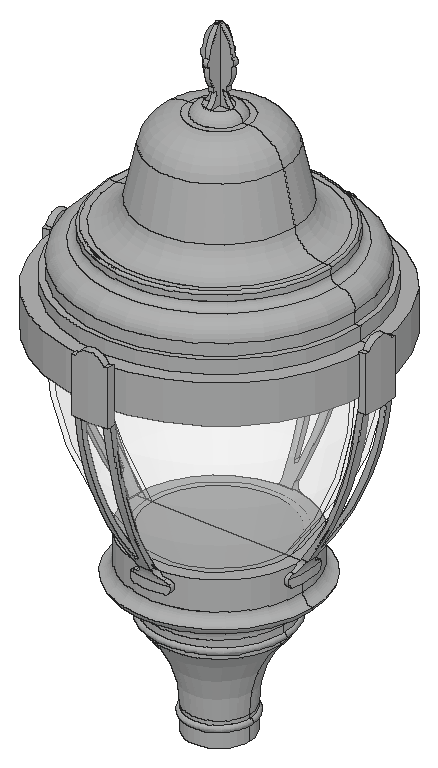
Revit family "Mediterranean", category Lighting Fixtures, host Face, Revit 2021
Family settings
  Host = Face
  Round Connector Dimension = Use Diameter
  Part Type = Normal
  OmniClass Number = 23.80.70.14.21
  OmniClass Title = Street and Roadway Lighting
  Cut with Voids When Loaded = No
  Light Source = No
  Shared = No
  Room Calculation Point = No
Parameters (values of type "White Texture")
  Voltage = 120 V
  URL = "https://www.currentlighting.com/beacon"
  Total Input Wattage = "55,80 & 110 Watts"  # constant formula
  Product Page URL = ""
  Product Documentation Link = ""
  Photometrics Web [instance] = Web : T1-PC-C1-H1-24NB-55-DIR3
  Model = "Mediterranean"  # constant formula
  Manufacturer = "Beacon Products"  # constant formula
  Lamp = "LED Array"  # constant formula
  Glass = Glass
  Product Material = Paint -  White Texture
  Description = "Village Collection"  # constant formula
  Default Elevation = 48.00"
  Apparent Load = 0 VA
Types (12): name | Photometrics Web | Product Material
  Basic Black Textured | Web : T1-PC-C1-H1-24NB-55-DIR5 | Paint - Basic Black Textured
  Black Matte Textured | Web : T1-PC-C1-H1-24NB-55-DIR3 | Paint - Black Matte Textured
  Bronze Textured | Web : T1-PC-C1-H1-24NB-55-DIR3 | Paint - Bronze Textured
  Dark Bronze Textured | Web : T1-PC-C1-H1-24NB-55-DIR3 | Paint -Dark Bronze Textured
  Dark Platinum Smooth | Web : T1-PC-C1-H1-24NB-55-DIR3 | Paint - Dark Platinum Smooth
  Gray Smooth | Web : T1-PC-C1-H1-24NB-55-DIR3 | Paint -Gray Smooth
  Green Textured | Web : T1-PC-C1-H1-24NB-55-DIR3 | Paint - Green Textured
  Metallic Bronze Textured | Web : T1-PC-C1-H1-24NB-55-DIR3 | Paint - Metallic Bronze Textured
  Metallic Silver Textured | Web : T1-PC-C1-H1-24NB-55-DIR3 | Paint - Metallic Silver Textured
  Metallic Titanium Textured | Web : T1-PC-C1-H1-24NB-55-DIR3 | Paint -  Metallic Titanium Textured
  Old World Iron | Web : T1-PC-C1-H1-24NB-55-DIR3 | Paint - Old World Iron
  White Texture | Web : T1-PC-C1-H1-24NB-55-DIR3 | Paint -  White Texture
Reference planes (in)
  plane 1 "Center (Front/Back)": y = 0
  plane 2: z = 0
  plane 3 "Center (Left/Right)": x = 0
  plane 4: z = 36
  plane 5: x = -9.21875
  plane 6: x = 9.21875
  plane 7: y = -9.21875
  plane 8: y = 9.21875
  plane 9: z = 18.5
Forms (in)
  Revolve 1, solid, material "Paint -  White Texture" <- "Product Material"
    sketch origin (0, 0, -1.5) x (1, 0, 0) y (0, 0, 1)
      loop
        line (8.85151, 21.90086) -> (8.85151, 24.08836) -> (8.04523, 24.08836) -> (8.04523, 24.81931) -> (7.719, 24.81931) -> (7.719, 25.45511)
        arc (7.719, 25.45511) -> (7.43329, 26.14487) -> (6.74353, 26.43058) r 0.97547
        arc (6.74353, 26.43058) -> (6.46464, 26.5461) -> (6.34912, 26.825) r 0.39442
        line (6.34912, 26.825) -> (6.34912, 27.16084)
        arc (6.34912, 27.16084) -> (6.31132, 27.2521) -> (6.22006, 27.2899) r 0.12905
        line (6.22006, 27.2899) -> (5.87333, 27.2899)
        arc (5.87333, 27.2899) -> (4.85887, 27.64416) -> (4.28548, 28.55293) r 1.62962
        line (4.28548, 28.55293) -> (3.65398, 31.28826)
        arc (3.65398, 31.28826) -> (2.95027, 32.40358) -> (1.70524, 32.83836) r 2
        line (1.70524, 32.83836) -> (1.34375, 32.83836)
        arc (1.34375, 32.83836) -> (1.12624, 33.18422) -> (0.74787, 33.33836) r 0.66701
        line (0.74787, 33.33836) -> (0, 33.33836) -> (0, 21.90086) -> (8.85151, 21.90086)
      axis (0, 33.33836) -> (0, 21.90086)
    angle from 0 to 360
  Revolve 2, solid, material "Glass" <- "Glass"
    sketch origin (0, 0, 3.25) x (1, 0, 0) y (0, 0, 1)
      loop
        line (3.76507, 7) -> (4.09375, 7)
        arc (4.09375, 7) -> (6.84633, 11.74804) -> (7.81071, 17.15086) r 15.81709
        line (7.81071, 17.15086) -> (7.56071, 17.15086)
        arc (7.56071, 17.15086) -> (6.57474, 11.73447) -> (3.76507, 7) r 15.56709
      axis (0, 17.15086) -> (0, 7)
    angle from 0 to 360
  Revolve 3, solid, material "Paint -  White Texture" <- "Product Material"
    sketch origin (0, 0, 0) x (1, 0, 0) y (0, 0, 1)
      loop
        line (0, 0) -> (1.75, 0) -> (1.75, 0.85054)
        arc (1.75, 0.85054) -> (1.9156, 1.01615) -> (1.75, 1.18175) r 0.1656
        line (1.75, 1.18175) -> (1.75, 1.39265)
        arc (1.75, 1.39265) -> (2.20652, 3.63652) -> (3.5035, 5.52363) r 5.74275
        line (3.5035, 5.52363) -> (3.5035, 5.85484) -> (3.65263, 5.85484)
        arc (3.65263, 5.85484) -> (3.82367, 6.02588) -> (3.65263, 6.19692) r 0.17104
        line (3.65263, 6.19692) -> (3.65263, 6.57864)
        arc (3.65263, 6.57864) -> (3.79263, 7.02266) -> (4.162, 7.30609) r 0.77413
        line (4.162, 7.30609) -> (4.162, 7.55609) -> (4.75, 7.55609)
        arc (4.75, 7.55609) -> (5.1064, 7.72431) -> (5.33395, 8.04608) r 0.77484
        arc (5.33395, 8.04608) -> (4.92103, 8.21711) -> (4.75, 8.63003) r 0.58395
        line (4.75, 8.63003) -> (4.75, 10.25) -> (0, 10.25) -> (0, 0)
      axis (0, 10.25) -> (0, 0)
    angle from 0 to 360
  Revolve 4, solid, material "Paint -  White Texture" <- "Product Material"
    sketch origin (0, 0, -2) x (0, 1, 0) y (0, 0, -1)
      loop
        line (-4.75, -11.04345) -> (-5, -11.04345) -> (-5, -11.77958)
        arc (-5, -11.77958) -> (-5.05957, -12.13356) -> (-5.23172, -12.44853) r 1.08144
        arc (-5.23172, -12.44853) -> (-7.77106, -16.78779) -> (-9.03708, -21.65344) r 18.34582
        line (-9.03708, -21.65344) -> (-9.22, -21.65344) -> (-9.22, -25.33021) -> (-8.85151, -25.33021) -> (-8.85151, -22.30978)
        arc (-8.85151, -22.30978) -> (-7.57349, -16.96483) -> (-4.75, -12.25) r 18.09582
        line (-4.75, -12.25) -> (-4.75, -11.04345)
      axis (0, -25.33021) -> (0, -11.04345)
    angle from -40 to 40
  Extrusion 5, void
    sketch origin (0, -4.1, 25.58567) x (0, 0, 1) y (1, 0, 0)
      loop
        arc (-15.03754, -0.35399) -> (-10.50057, -0.90383) -> (-5.93224, -1.03328) r 49.54577
        line (-5.93224, -1.03328) -> (-2.83186, -1.03328) -> (-2.83186, -0.78328)
        arc (-2.83186, -0.78328) -> (-2.31832, 0) -> (-2.83186, 0.78328) r 0.85412
        line (-2.83186, 0.78328) -> (-2.83186, 1.03328) -> (-5.93224, 1.03328)
        arc (-5.93224, 1.03328) -> (-10.50057, 0.90383) -> (-15.03754, 0.35399) r 49.54577
        arc (-15.03754, 0.35399) -> (-15.41249, 0.45273) -> (-15.5863, 0.79932) r 0.47098
        arc (-15.5863, 0.79932) -> (-15.93356, 1.14658) -> (-16.28082, 0.79932) r 0.34726
        line (-16.28082, 0.79932) -> (-16.28082, -0.79932)
        arc (-16.28082, -0.79932) -> (-15.93356, -1.14658) -> (-15.5863, -0.79932) r 0.34726
        arc (-15.5863, -0.79932) -> (-15.41249, -0.45273) -> (-15.03754, -0.35399) r 0.47098
      loop
        arc (-5.93224, 0.62342) -> (-10.14217, 0.55608) -> (-14.33089, 0.12864) r 49.14577
        arc (-14.33089, 0.12864) -> (-14.44217, 0) -> (-14.33089, -0.12864) r 0.13
        arc (-14.33089, -0.12864) -> (-10.14217, -0.55608) -> (-5.93224, -0.62342) r 49.14577
        line (-5.93224, -0.62342) -> (-5.93224, 0.62342)
      loop
        line (-1.82895, -6.11986) -> (-1.82895, 6.38014) -> (-16.57895, 6.38014) -> (-16.57895, -6.11986) -> (-1.82895, -6.11986)
    from -6.86274 to 14.6
  Revolve 6, solid, material "Paint -  White Texture" <- "Product Material"
    sketch origin (0, 0, -2) x (0, -1, 0) y (0, 0, 1)
      loop
        line (-4.75, 11.04345) -> (-4.75, 12.25)
        arc (-4.75, 12.25) -> (-7.57349, 16.96483) -> (-8.85151, 22.30978) r 18.09582
        line (-8.85151, 22.30978) -> (-8.85151, 25.33021) -> (-9.22, 25.33021) -> (-9.22, 21.65344) -> (-9.03708, 21.65344)
        arc (-9.03708, 21.65344) -> (-7.77106, 16.78779) -> (-5.23172, 12.44853) r 18.34582
        arc (-5.23172, 12.44853) -> (-5.05957, 12.13356) -> (-5, 11.77958) r 1.08144
        line (-5, 11.77958) -> (-5, 11.04345) -> (-4.75, 11.04345)
      axis (0, 25.33021) -> (0, 11.04345)
    angle from -40 to 40
  Revolve 7, solid, material "Paint -  White Texture" <- "Product Material"
    sketch origin (0, 0, -2) x (-1, 0, 0) y (0, 0, -1)
      loop
        line (-4.75, -11.04345) -> (-5, -11.04345) -> (-5, -11.77958)
        arc (-5, -11.77958) -> (-5.05957, -12.13356) -> (-5.23172, -12.44853) r 1.08144
        arc (-5.23172, -12.44853) -> (-7.77106, -16.78779) -> (-9.03708, -21.65344) r 18.34582
        line (-9.03708, -21.65344) -> (-9.22, -21.65344) -> (-9.22, -25.33021) -> (-8.85151, -25.33021) -> (-8.85151, -22.30978)
        arc (-8.85151, -22.30978) -> (-7.57349, -16.96483) -> (-4.75, -12.25) r 18.09582
        line (-4.75, -12.25) -> (-4.75, -11.04345)
      axis (0, -25.33021) -> (0, -11.04345)
    angle from -40 to 40
  Revolve 8, solid, material "Paint -  White Texture" <- "Product Material"
    sketch origin (0, 0, -2) x (1, 0, 0) y (0, 0, 1)
      loop
        line (-4.75, 11.04345) -> (-4.75, 12.25)
        arc (-4.75, 12.25) -> (-7.57349, 16.96483) -> (-8.85151, 22.30978) r 18.09582
        line (-8.85151, 22.30978) -> (-8.85151, 25.33021) -> (-9.22, 25.33021) -> (-9.22, 21.65344) -> (-9.03708, 21.65344)
        arc (-9.03708, 21.65344) -> (-7.77106, 16.78779) -> (-5.23172, 12.44853) r 18.34582
        arc (-5.23172, 12.44853) -> (-5.05957, 12.13356) -> (-5, 11.77958) r 1.08144
        line (-5, 11.77958) -> (-5, 11.04345) -> (-4.75, 11.04345)
      axis (0, 25.33021) -> (0, 11.04345)
    angle from -40 to 40
  Extrusion 9, void
    sketch origin (4.1, 0, 25.58567) x (0, 0, 1) y (0, 1, 0)
      loop
        arc (-15.03754, -0.35399) -> (-10.50057, -0.90383) -> (-5.93224, -1.03328) r 49.54577
        line (-5.93224, -1.03328) -> (-2.83186, -1.03328) -> (-2.83186, -0.78328)
        arc (-2.83186, -0.78328) -> (-2.31832, 0) -> (-2.83186, 0.78328) r 0.85412
        line (-2.83186, 0.78328) -> (-2.83186, 1.03328) -> (-5.93224, 1.03328)
        arc (-5.93224, 1.03328) -> (-10.50057, 0.90383) -> (-15.03754, 0.35399) r 49.54577
        arc (-15.03754, 0.35399) -> (-15.41249, 0.45273) -> (-15.5863, 0.79932) r 0.47098
        arc (-15.5863, 0.79932) -> (-15.93356, 1.14658) -> (-16.28082, 0.79932) r 0.34726
        line (-16.28082, 0.79932) -> (-16.28082, -0.79932)
        arc (-16.28082, -0.79932) -> (-15.93356, -1.14658) -> (-15.5863, -0.79932) r 0.34726
        arc (-15.5863, -0.79932) -> (-15.41249, -0.45273) -> (-15.03754, -0.35399) r 0.47098
      loop
        arc (-5.93224, 0.62342) -> (-10.14217, 0.55608) -> (-14.33089, 0.12864) r 49.14577
        arc (-14.33089, 0.12864) -> (-14.44217, 0) -> (-14.33089, -0.12864) r 0.13
        arc (-14.33089, -0.12864) -> (-10.14217, -0.55608) -> (-5.93224, -0.62342) r 49.14577
        line (-5.93224, -0.62342) -> (-5.93224, 0.62342)
      loop
        line (-1.82895, -6.11986) -> (-1.82895, 6.38014) -> (-16.57895, 6.38014) -> (-16.57895, -6.11986) -> (-1.82895, -6.11986)
    from -6.86274 to 14.6
  Extrusion 10, solid, material "Paint -  White Texture" <- "Product Material"
    sketch origin (0, 0, 0) x (1, 0, 0) y (0, 0, 1)
      loop
        arc (-0.33706, 32.67868) -> (-0.44879, 32.21273) -> (-0.74787, 31.83836) r 1.10102
        line (-0.74787, 31.83836) -> (0.74787, 31.83836)
        arc (0.74787, 31.83836) -> (0.44879, 32.21273) -> (0.33706, 32.67868) r 1.10102
        line (0.33706, 32.67868) -> (0.55681, 32.67868) -> (0.55681, 32.92868)
        arc (0.55681, 32.92868) -> (0.81187, 33.44324) -> (0.80819, 34.01752) r 1.24209
        arc (0.80819, 34.01752) -> (0.95751, 34.23753) -> (0.81066, 34.45919) r 0.23871
        arc (0.81066, 34.45919) -> (0.63251, 35.2627) -> (0.15439, 35.9326) r 2.06281
        arc (0.15439, 35.9326) -> (0, 35.99338) -> (-0.15439, 35.9326) r 0.22648
        arc (-0.15439, 35.9326) -> (-0.63251, 35.2627) -> (-0.81066, 34.45919) r 2.06281
        arc (-0.81066, 34.45919) -> (-0.95751, 34.23753) -> (-0.80819, 34.01752) r 0.23871
        arc (-0.80819, 34.01752) -> (-0.81187, 33.44324) -> (-0.55681, 32.92868) r 1.24209
        line (-0.55681, 32.92868) -> (-0.55681, 32.67868) -> (-0.33706, 32.67868)
    from -0.13 to 0.13
  Extrusion 11, solid, material "Paint -  White Texture" <- "Product Material"
    sketch origin (0, 0, 0) x (0, -1, 0) y (0, 0, 1)
      loop
        arc (-0.33706, 32.67868) -> (-0.44879, 32.21273) -> (-0.74787, 31.83836) r 1.10102
        line (-0.74787, 31.83836) -> (0.74787, 31.83836)
        arc (0.74787, 31.83836) -> (0.44879, 32.21273) -> (0.33706, 32.67868) r 1.10102
        line (0.33706, 32.67868) -> (0.55681, 32.67868) -> (0.55681, 32.92868)
        arc (0.55681, 32.92868) -> (0.81187, 33.44324) -> (0.80819, 34.01752) r 1.24209
        arc (0.80819, 34.01752) -> (0.95751, 34.23753) -> (0.81066, 34.45919) r 0.23871
        arc (0.81066, 34.45919) -> (0.63251, 35.2627) -> (0.15439, 35.9326) r 2.06281
        arc (0.15439, 35.9326) -> (0, 35.99338) -> (-0.15439, 35.9326) r 0.22648
        arc (-0.15439, 35.9326) -> (-0.63251, 35.2627) -> (-0.81066, 34.45919) r 2.06281
        arc (-0.81066, 34.45919) -> (-0.95751, 34.23753) -> (-0.80819, 34.01752) r 0.23871
        arc (-0.80819, 34.01752) -> (-0.81187, 33.44324) -> (-0.55681, 32.92868) r 1.24209
        line (-0.55681, 32.92868) -> (-0.55681, 32.67868) -> (-0.33706, 32.67868)
    from -0.13 to 0.13
Cuts and joins
  Extrusion 5 cuts Revolve 4
  Extrusion 5 cuts Revolve 6
  Extrusion 9 cuts Revolve 7
  Extrusion 9 cuts Revolve 8
Dimensions and locks (in)
  locked: plane 4 to level at 36
  locked: plane 5 to plane 6 at 18.4375
  equal spacing: plane 5, plane 3 "Center (Left/Right)", plane 6  (x2)
  equal spacing: plane 8, plane 1 "Center (Front/Back)", plane 7
  locked: plane 8 to plane 7 at 18.4375
  aligned and locked: plane 2 to host face
  aligned and locked: level to host face
  aligned and locked: nested 1 to plane 3 "Center (Left/Right)"
  aligned and locked: nested 1 to plane 1 "Center (Front/Back)"
Automatic sketch dimensions
  host sketch curve to host sketch curve = 96.00"  (x2)
  Revolve 3 sketch curve to level = 0.00"
  Revolve 3 sketch curve to plane 3 "Center (Left/Right)" = 0.00"  (x2)
  plane 3 "Center (Left/Right)" to Revolve 3 sketch curve = 1.75"
  plane 3 "Center (Left/Right)" to Revolve 3 sketch curve = 3.5035"
  Revolve 3 sketch curve to Revolve 3 sketch curve = 0.14913"
  Revolve 3 sketch curve to Revolve 3 sketch curve = 0.50936"
  Revolve 3 sketch curve to Revolve 3 sketch curve = 0.26477"
  Revolve 3 sketch curve to Revolve 3 sketch curve = 0.44634"
  Revolve 3 sketch curve to Revolve 3 sketch curve = 0.14166"
  Revolve 3 sketch curve to Revolve 3 sketch curve = 0.588"
  Revolve 3 sketch curve to Revolve 3 sketch curve = 0.58395"
  Revolve 3 sketch curve to plane 6 = 1.726"
  Revolve 3 sketch curve to level = 1.75"
  Revolve 3 sketch curve to Revolve 3 sketch curve = 0.85054"
  Revolve 3 sketch curve to Revolve 3 sketch curve = 0.1656"
  Revolve 3 sketch curve to Revolve 3 sketch curve = 0.21089"
  Revolve 3 sketch curve to Revolve 3 sketch curve = 0.33121"
  Revolve 3 sketch curve to Revolve 3 sketch curve = 0.17104"
  Revolve 3 sketch curve to Revolve 3 sketch curve = 0.38171"
  Revolve 3 sketch curve to Revolve 3 sketch curve = 0.25"
  Revolve 3 sketch curve to Revolve 3 sketch curve = 0.48999"
  Revolve 3 sketch curve to Revolve 3 sketch curve = 2.69391"
  Revolve 4 sketch curve to Revolve 4 sketch curve = 0.00"  (x4)
  Revolve 4 sketch curve to plane 1 "Center (Front/Back)" = 0.00"
  plane 1 "Center (Front/Back)" to Revolve 4 sketch curve = 4.75"
  Revolve 4 sketch curve to Revolve 4 sketch curve = 0.25"
  Revolve 4 sketch curve to Revolve 4 sketch curve = 0.48172"
  Revolve 4 sketch curve to Revolve 4 sketch curve = 0.84972"
  plane 1 "Center (Front/Back)" to Revolve 4 sketch curve = 8.85151"
  Revolve 4 sketch curve to Revolve 4 sketch curve = 0.18557"
  Revolve 4 sketch curve to Revolve 4 sketch curve = 0.18292"
  Revolve 4 sketch curve to plane 1 "Center (Front/Back)" = 9.18311"
  Revolve 4 sketch curve to plane 4 = 2.72337"
  Revolve 4 sketch curve to Revolve 4 sketch curve = 0.73613"
  level to Revolve 4 sketch curve = 4.77663"
  Extrusion 5 sketch curve to plane 3 "Center (Left/Right)" = 0.00"  (x2)
  plane 5 to Extrusion 5 sketch curve = 3.09889"
  Extrusion 5 sketch curve to level = 9.00672"
  Extrusion 5 sketch curve to plane 3 "Center (Left/Right)" = 0.79932"
  Extrusion 5 sketch curve to Extrusion 5 sketch curve = 0.29813"
  Extrusion 5 sketch curve to Extrusion 5 sketch curve = 0.34726"  (x2)
  Extrusion 5 sketch curve to Extrusion 5 sketch curve = 0.47059"  (x2)
  plane 3 "Center (Left/Right)" to Extrusion 5 sketch curve = 0.35399"
  Extrusion 5 sketch curve to Extrusion 5 sketch curve = 0.07817"  (x2)
  Extrusion 5 sketch curve to Extrusion 5 sketch curve = 0.00"  (x7)
  Extrusion 5 sketch curve to plane 3 "Center (Left/Right)" = 0.35399"
  plane 3 "Center (Left/Right)" to Extrusion 5 sketch curve = 0.12864"
  Extrusion 5 sketch curve to Extrusion 5 sketch curve = 0.70665"
  Extrusion 5 sketch curve to plane 3 "Center (Left/Right)" = 0.12864"
  Extrusion 5 sketch curve to Extrusion 5 sketch curve = 0.01873"
  Extrusion 5 sketch curve to Extrusion 5 sketch curve = 0.4375"  (x2)
  plane 3 "Center (Left/Right)" to Extrusion 5 sketch curve = 0.62342"
  Extrusion 5 sketch curve to Extrusion 5 sketch curve = 0.34058"  (x2)
  plane 6 to Extrusion 5 sketch curve = 2.83861"
  Extrusion 5 sketch curve to Extrusion 5 sketch curve = 0.25"
  Revolve 6 sketch curve to Revolve 6 sketch curve = 0.00"  (x4)
  Revolve 6 sketch curve to plane 1 "Center (Front/Back)" = 0.00"
  Revolve 6 sketch curve to plane 1 "Center (Front/Back)" = 4.75"
  Revolve 6 sketch curve to Revolve 6 sketch curve = 0.25"
  Revolve 6 sketch curve to Revolve 6 sketch curve = 0.48172"
  Revolve 6 sketch curve to Revolve 6 sketch curve = 0.84972"
  Revolve 6 sketch curve to plane 1 "Center (Front/Back)" = 8.85151"
  Revolve 6 sketch curve to Revolve 6 sketch curve = 0.18557"
  Revolve 6 sketch curve to Revolve 6 sketch curve = 0.18292"
  plane 1 "Center (Front/Back)" to Revolve 6 sketch curve = 9.18311"
  Revolve 6 sketch curve to Revolve 6 sketch curve = 0.73613"
  level to Revolve 6 sketch curve = 4.77663"
  Revolve 6 sketch curve to plane 4 = 2.72337"
  Revolve 7 sketch curve to Revolve 7 sketch curve = 0.00"  (x4)
  Revolve 7 sketch curve to plane 3 "Center (Left/Right)" = 0.00"
  Revolve 7 sketch curve to plane 6 = 4.46875"
  Revolve 7 sketch curve to Revolve 7 sketch curve = 0.25"
  Revolve 7 sketch curve to Revolve 7 sketch curve = 0.48172"
  Revolve 7 sketch curve to Revolve 7 sketch curve = 0.84972"
  Revolve 7 sketch curve to plane 6 = 0.36724"
  Revolve 7 sketch curve to plane 6 = 0.18167"
  plane 6 to Revolve 7 sketch curve = 0.00125"
  Revolve 7 sketch curve to plane 5 = 0.03564"
  Revolve 7 sketch curve to plane 4 = 2.72337"
  Revolve 7 sketch curve to Revolve 7 sketch curve = 0.65634"
  Revolve 7 sketch curve to Revolve 7 sketch curve = 0.73613"
  level to Revolve 7 sketch curve = 4.77663"
  Revolve 8 sketch curve to Revolve 8 sketch curve = 0.00"  (x3)
  Revolve 8 sketch curve to plane 3 "Center (Left/Right)" = 0.00"
  Revolve 8 sketch curve to plane 5 = 4.46875"
  Revolve 8 sketch curve to Revolve 8 sketch curve = 0.25"
  Revolve 8 sketch curve to Revolve 8 sketch curve = 0.48172"
  Revolve 8 sketch curve to Revolve 8 sketch curve = 0.84972"
  Revolve 8 sketch curve to plane 5 = 0.36724"
  Revolve 8 sketch curve to plane 5 = 0.18167"
  plane 5 to Revolve 8 sketch curve = 0.00125"
  Revolve 8 sketch curve to plane 6 = 0.03564"
  level to Revolve 8 sketch curve = 4.77663"
  Revolve 8 sketch curve to Revolve 8 sketch curve = 4.26683"
  Revolve 8 sketch curve to Revolve 8 sketch curve = 0.73613"
  Revolve 8 sketch curve to Revolve 8 sketch curve = 0.19853"
  Revolve 8 sketch curve to plane 4 = 2.72337"
  Extrusion 9 sketch curve to plane 1 "Center (Front/Back)" = 0.00"  (x2)
  Extrusion 9 sketch curve to plane 7 = 3.09889"
  level to Extrusion 9 sketch curve = 9.00672"
  Extrusion 9 sketch curve to plane 1 "Center (Front/Back)" = 0.79932"
  Extrusion 9 sketch curve to Extrusion 9 sketch curve = 0.29813"
  Extrusion 9 sketch curve to Extrusion 9 sketch curve = 0.34726"  (x2)
  Extrusion 9 sketch curve to Extrusion 9 sketch curve = 0.47059"  (x2)
  plane 1 "Center (Front/Back)" to Extrusion 9 sketch curve = 0.35399"
  Extrusion 9 sketch curve to Extrusion 9 sketch curve = 0.07817"  (x2)
  Extrusion 9 sketch curve to Extrusion 9 sketch curve = 0.00"  (x6)
  Extrusion 9 sketch curve to plane 1 "Center (Front/Back)" = 0.35399"
  plane 1 "Center (Front/Back)" to Extrusion 9 sketch curve = 0.12864"
  Extrusion 9 sketch curve to Extrusion 9 sketch curve = 0.70665"
  Extrusion 9 sketch curve to plane 1 "Center (Front/Back)" = 0.12864"
  Extrusion 9 sketch curve to Extrusion 9 sketch curve = 0.01873"
  Extrusion 9 sketch curve to Extrusion 9 sketch curve = 0.4375"  (x2)
  plane 1 "Center (Front/Back)" to Extrusion 9 sketch curve = 0.62342"
  Extrusion 9 sketch curve to Extrusion 9 sketch curve = 0.34058"  (x2)
  plane 1 "Center (Front/Back)" to Extrusion 9 sketch curve = 1.03328"
  Extrusion 9 sketch curve to Extrusion 9 sketch curve = 0.25"
  Extrusion 9 sketch curve to plane 8 = 2.83861"
  Revolve 1 sketch curve to plane 3 "Center (Left/Right)" = 0.00"  (x2)
  plane 3 "Center (Left/Right)" to Revolve 1 sketch curve = 0.6975"
  plane 3 "Center (Left/Right)" to Revolve 1 sketch curve = 0.74787"
  Revolve 1 sketch curve to Revolve 1 sketch curve = 0.64625"
  plane 3 "Center (Left/Right)" to Revolve 1 sketch curve = 1.70524"
  Revolve 1 sketch curve to Revolve 1 sketch curve = 1.94874"
  Revolve 1 sketch curve to Revolve 1 sketch curve = 0.6315"
  Revolve 1 sketch curve to Revolve 1 sketch curve = 1.58785"
  Revolve 1 sketch curve to Revolve 1 sketch curve = 0.34673"
  Revolve 1 sketch curve to Revolve 1 sketch curve = 0.12905"
  Revolve 1 sketch curve to Revolve 1 sketch curve = 0.39442"
  Revolve 1 sketch curve to Revolve 1 sketch curve = 0.97547"
  Revolve 1 sketch curve to Revolve 1 sketch curve = 0.32623"
  Revolve 1 sketch curve to plane 6 = 0.36724"
  Revolve 1 sketch curve to Revolve 1 sketch curve = 0.33585"
  Revolve 1 sketch curve to Revolve 1 sketch curve = 0.00"
  Revolve 1 sketch curve to Revolve 1 sketch curve = 0.63581"
  Revolve 1 sketch curve to Revolve 1 sketch curve = 0.73094"
  Revolve 1 sketch curve to Revolve 1 sketch curve = 2.1875"
  Revolve 1 sketch curve to Revolve 1 sketch curve = 9.65086"
  Revolve 1 sketch curve to Revolve 1 sketch curve = 1.26303"
  Revolve 1 sketch curve to Revolve 1 sketch curve = 2.28543"
  Revolve 1 sketch curve to Revolve 1 sketch curve = 0.4499"
  Revolve 1 sketch curve to Revolve 1 sketch curve = 0.16511"
  plane 4 to Revolve 1 sketch curve = 1.00"
  Extrusion 10 sketch curve to plane 3 "Center (Left/Right)" = 0.00"
  Extrusion 10 sketch curve to plane 4 = 0.0674"  (x2)
  Extrusion 10 sketch curve to plane 3 "Center (Left/Right)" = 0.15439"
  Extrusion 10 sketch curve to Extrusion 10 sketch curve = 0.00"
  Extrusion 10 sketch curve to plane 3 "Center (Left/Right)" = 0.33706"
  Extrusion 10 sketch curve to plane 3 "Center (Left/Right)" = 0.39838"
  Extrusion 10 sketch curve to Extrusion 10 sketch curve = 0.21976"  (x2)
  Extrusion 10 sketch curve to Extrusion 10 sketch curve = 0.32042"  (x2)
  Extrusion 10 sketch curve to plane 3 "Center (Left/Right)" = 0.74787"
  Extrusion 10 sketch curve to Extrusion 10 sketch curve = 0.08939"  (x2)
  Extrusion 10 sketch curve to Extrusion 10 sketch curve = 0.09186"  (x2)
  Extrusion 10 sketch curve to Extrusion 10 sketch curve = 0.44117"  (x2)
  Extrusion 10 sketch curve to Extrusion 10 sketch curve = 0.88112"  (x2)
  plane 3 "Center (Left/Right)" to Extrusion 10 sketch curve = 0.15439"
  plane 3 "Center (Left/Right)" to Extrusion 10 sketch curve = 0.33706"
  plane 3 "Center (Left/Right)" to Extrusion 10 sketch curve = 0.39838"
  plane 3 "Center (Left/Right)" to Extrusion 10 sketch curve = 0.74787"
  Extrusion 10 sketch curve to Extrusion 10 sketch curve = 0.1657"
  Extrusion 10 sketch curve to Extrusion 10 sketch curve = 0.22032"  (x2)
  Extrusion 10 sketch curve to Extrusion 10 sketch curve = 0.29488"  (x2)
  Extrusion 10 sketch curve to Extrusion 10 sketch curve = 0.23238"  (x2)
  Extrusion 10 sketch curve to Extrusion 10 sketch curve = 0.25"
  Extrusion 11 sketch curve to plane 1 "Center (Front/Back)" = 0.00"
  Extrusion 11 sketch curve to plane 4 = 0.0674"  (x2)
  Extrusion 11 sketch curve to plane 1 "Center (Front/Back)" = 0.15439"
  Extrusion 11 sketch curve to Extrusion 11 sketch curve = 0.00"
  Extrusion 11 sketch curve to plane 1 "Center (Front/Back)" = 0.33706"
  Extrusion 11 sketch curve to plane 1 "Center (Front/Back)" = 0.39838"
  Extrusion 11 sketch curve to Extrusion 11 sketch curve = 0.21976"  (x2)
  Extrusion 11 sketch curve to Extrusion 11 sketch curve = 0.32042"  (x2)
  Extrusion 11 sketch curve to plane 1 "Center (Front/Back)" = 0.74787"
  Extrusion 11 sketch curve to Extrusion 11 sketch curve = 0.08939"  (x2)
  Extrusion 11 sketch curve to Extrusion 11 sketch curve = 0.09186"  (x2)
  Extrusion 11 sketch curve to Extrusion 11 sketch curve = 0.44117"  (x2)
  Extrusion 11 sketch curve to Extrusion 11 sketch curve = 0.88112"  (x2)
  plane 1 "Center (Front/Back)" to Extrusion 11 sketch curve = 0.15439"
  plane 1 "Center (Front/Back)" to Extrusion 11 sketch curve = 0.33706"
  plane 1 "Center (Front/Back)" to Extrusion 11 sketch curve = 0.39838"
  plane 1 "Center (Front/Back)" to Extrusion 11 sketch curve = 0.74787"
  Extrusion 11 sketch curve to Extrusion 11 sketch curve = 0.1657"
  Extrusion 11 sketch curve to Extrusion 11 sketch curve = 0.22032"  (x2)
  Extrusion 11 sketch curve to Extrusion 11 sketch curve = 0.29488"  (x2)
  Extrusion 11 sketch curve to Extrusion 11 sketch curve = 0.23238"  (x2)
  Extrusion 11 sketch curve to Extrusion 11 sketch curve = 0.25"
  Revolve 2 sketch curve to plane 3 "Center (Left/Right)" = 0.00"
  Revolve 2 sketch curve to plane 5 = 1.21242"
  plane 3 "Center (Left/Right)" to Revolve 2 sketch curve = 3.76507"
  Revolve 2 sketch curve to plane 6 = 1.65804"
  Revolve 2 sketch curve to Revolve 2 sketch curve = 0.1392"
  Revolve 2 sketch curve to plane 4 = 4.84914"
  Revolve 2 sketch curve to Revolve 2 sketch curve = 0.32868"
  Revolve 2 sketch curve to Revolve 2 sketch curve = 0.00"  (x3)
  Revolve 1 sketch curve to plane 4 = 4.16164"
  plane 9 to Revolve 2 sketch curve = 1.93667"
  plane 9 to Revolve 2 sketch curve = 1.90086"
  plane 9 to Revolve 3 sketch curve = 0.75"
  plane 9 to Revolve 4 sketch curve = 4.83021"
  plane 9 to Revolve 4 sketch curve = 3.29674"
  Revolve 4 sketch curve to Revolve 4 sketch curve = 0.65634"
  plane 9 to Extrusion 5 sketch curve = 0.1663"  (x2)
  Extrusion 5 sketch curve to Extrusion 5 sketch curve = 2.75979"
  Extrusion 5 sketch curve to Extrusion 5 sketch curve = 1.00291"
  Revolve 6 sketch curve to Revolve 6 sketch curve = 4.26683"
  Revolve 6 sketch curve to Revolve 6 sketch curve = 0.19853"
  Revolve 6 sketch curve to Revolve 6 sketch curve = 3.02043"
  plane 9 to Revolve 7 sketch curve = 4.83021"
  plane 9 to Revolve 7 sketch curve = 3.29674"
  Revolve 8 sketch curve to Revolve 8 sketch curve = 3.02043"
  Extrusion 9 sketch curve to plane 9 = 0.1663"  (x2)
  Extrusion 9 sketch curve to Extrusion 9 sketch curve = 2.75979"
  Extrusion 9 sketch curve to Extrusion 9 sketch curve = 1.00291"
Nested families (in)
  nested 1: "Web" at (0, 0, 18.5) x (1, 0, 0) z (0, 0, -1), type <- "Photometrics Web", type "T1-PC-C1-H1-24NB-55-DIR3"
Connectors (in)
  electrical at (0, 0, 0), driven by "Voltage", driven by "Description"
    settings: on Revolve 3, index 1, voltage 120 V, apparent load 0 VA, apparent load phase1 0 VA, apparent load phase2 0 VA, apparent load phase3 0 VA, power factor 1, load classification "Other", number of poles 1, system type 30, power factor state 1, is connector primary yes, connector utility no, sub classification motor no, connector description "Village Collection"
Definition of nested family "Web"
  Parameters
    Wattage = 55 W
    built-in parameter 1150110 = 1 (stored number, unit not read)
    URL = ""
    built-in parameter 1114217 = 1 (stored number, unit not read)
    Tilt Angle = -90.00°
    built-in parameter 1150109 = 1 (stored number, unit not read)
    built-in parameter 1150134 = 3
    built-in parameter 1150113 = 1 (stored number, unit not read)
    Product Page URL = ""
    Product Documentation Link = ""
    Photometric Web File = "T1-PC-C1-H1-24NB-55-DIR3.ies"
    Model = ""  # constant formula
    Manufacturer Phone = ""  # constant formula
    Manufacturer Fax = ""  # constant formula
    Manufacturer = ""  # constant formula
    built-in parameter 1150105 = 650.13 (stored number, unit not read)
    Lumens = 8169.81 lm
    built-in parameter 1150115 = 1 (stored number, unit not read)
    built-in parameter 1150137 = (empty or 0)
    built-in parameter 1150139 = (empty or 0)
    built-in parameter 1150112 = 1 (stored number, unit not read)
    built-in parameter 1150114 = 1 (stored number, unit not read)
    built-in parameter 1150132 = (empty or 0)
    built-in parameter 1150102 = (empty or 0)
    built-in parameter 1150107 = 3200 (stored number, unit not read)
    built-in parameter 1150138 = (empty or 0)
    built-in parameter 1150106 = 6.5013 (stored number, unit not read)
    built-in parameter 1150104 = 13.8 (stored number, unit not read)
    Dimming Lamp Color Temperature Shift = (empty or 0)
    Description = ""  # constant formula
    Default Elevation = 48.00"
    Color Filter = 16777215
    built-in parameter 1114218 = 1 (stored number, unit not read)
    built-in parameter 1150133 = 10 (stored number, unit not read)
    Apparent Load = 0 VA
  Reference planes (in)
    plane 1 "Center (Front/Back)": y = 0
    plane 2: z = 0
    plane 3 "Center (Left/Right)": x = 0
  Forms (in)
    Extrusion 1, solid
      sketch origin (0, 0, 0) x (1, 0, 0) y (0, 1, 0)
        loop
          line (-48, 48) -> (-48, -48) -> (48, -48) -> (48, 48) -> (-48, 48)
      from 0 to -12
  Lines and regions (in)
    reference lines
      curve 1: line (0, 0, 0.25) -> (0, 0, 35.25)
  Dimensions and locks (in)
    aligned and locked: plane 2 to Extrusion 1
    aligned and locked: level to Extrusion 1
